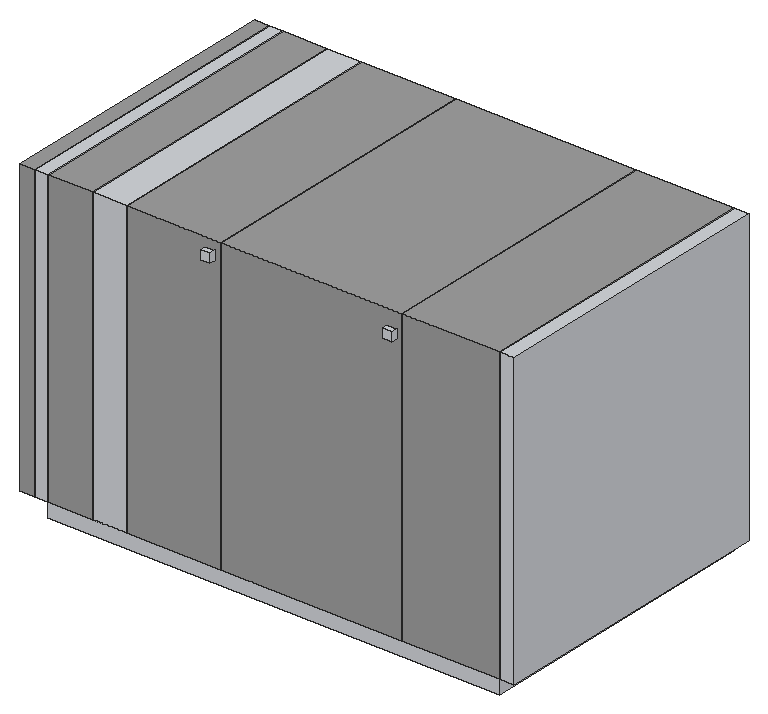
Revit family "Приточная система с электрическом нагревателем", category Оборудование, Revit 2021
Family settings
  Размер круглого соединителя = Использовать диаметр
  Классификация = Нет
  Тип детали = Нормальный
  На основе рабочей плоскости = Нет
  Всегда вертикально = Да
  При загрузке вырезать с полостями = Нет
  Общий = Нет
  Точка принадлежности помещению = Нет
Parameters (values of type "16B")
  Ширина ГВ = ADSK_Размер_Ширина  # 2580 mm
  Сторона обслуживания [instance] = "Справа"
  Слив конденсата = 0 mm
  Подключение нагревателя G [instance] = 0 mm
  Подключение испарителя K [instance] = 0 mm
  Подключение испарителя E = 0 mm
  Отметка по умолчанию = 0 mm
  Кол-во ступеней электр.нагрева [instance] = "28"
  Длина секции электр.нагревателя HE [instance] = 830 mm
  Длина секции испарителя CF = 0 mm
  Длина пустой секции (ES) [instance] = 300 mm
  Длина гибкой встаки = 125 mm
  Длина секции шумоглушения SL [instance] = 862 mm
  Длина секции нагревателя HW [instance] = 0 mm
  Длина клапана FC = 120 mm
  Длина секции вентилятора FA [instance] = 1590 mm
  Длина секции фильтра F [instance] = 390 mm
  Высота рамы = 120 mm
  Высота ГВ = ADSK_Размер_Высота  # 2580 mm
  ADSK_Частота вращения двигателя = 1465
  ADSK_Тип воздушного фильтра [instance] = "G3"
  ADSK_Свободный напор воздуха = 400.0 Pa
  ADSK_Расход теплоносителя = 0.0 m³/h
  ADSK_Расход воздуха приточный [instance] = 35500.0 m³/h
  ADSK_Размер_Ширина = 2580 mm
  ADSK_Размер_Высота = 2580 mm
  ADSK_Полная мощность [instance] = 15.0 kW
  ADSK_Обозначение = "П2.16"
  ADSK_Номинальная мощность = 537 kW
  ADSK_Напряжение = 380 V
  ADSK_Наименование краткое [instance] = "16B"
  ADSK_Масса = 1433
Types (16, lengths in mm): name | Ширина ГВ | Отметка по умолчанию | Кол-во ступеней электр.нагрева | Длина секции электр.нагревателя HE | Длина секции шумоглушения SL | Длина секции вентилятора FA | Высота рамы | Высота ГВ | ADSK_Частота вращения двигателя | ADSK_Расход воздуха приточный | ADSK_Размер_Ширина | ADSK_Размер_Высота | ADSK_Полная мощность | ADSK_Обозначение | ADSK_Номинальная мощность | ADSK_Наименование краткое | ADSK_Масса
  1А | 850 | 0 | "4" | 940 | 825 | 690 | 0 | 440 | 2835 | 1200.0 m³/h | 850 | 440 | 0.55 kW | "П2.1" | 22.54 kW | "1А" | 241
  2А | 980 | 0 | "6" | 940 | 825 | 690 | 0 | 505 | 2805 | 2500.0 m³/h | 980 | 505 | 0.75 kW | "П2.2" | 41 kW | "2A" | 280
  16B | 2580 | 0 | "28" | 830 | 862 | 1590 | 120 | 2580 | 1465 | 35500.0 m³/h | 2580 | 2580 | 15.0 kW | "П2.16" | 537 kW | "16B" | 1433
  3A | 1080 | 6 | "" | 820 | 825 | 740 | 0 | 695 | 2830 | 3500.0 m³/h | 1080 | 695 | 1.1 kW | "П2.3" | 56 kW | "3А" | 325
  4A | 1360 | 6 | "" | 790 | 825 | 820 | 0 | 695 | 2880 | 4500.0 m³/h | 1360 | 695 | 2.2 kW | "П2.4" | 72 kW | "4A" | 380
  5A | 1360 | 0 | "6" | 790 | 825 | 820 | 0 | 803 | 2880 | 5500.0 m³/h | 1360 | 803 | 2.2 kW | "П2.5" | 0.094 kW | "5A" | 406
  6A | 1580 | 0 | "6" | 790 | 825 | 850 | 0 | 803 | 2905 | 6500.0 m³/h | 1580 | 803 | 4.0 kW | "П2.6" | 104 kW | "6A" | 453
  7A | 1580 | 0 | "6" | 790 | 825 | 900 | 0 | 990 | 2945 | 7500.0 m³/h | 1580 | 990 | 4.0 kW | "П2.7" | 128 kW | "7A" | 505
  8A | 1950 | 0 | "8" | 670 | 825 | 1100 | 0 | 990 | 1455 | 9500.0 m³/h | 1950 | 990 | 3.0 kW | "П2.8" | 153 kW | "8A" | 588
  9A | 2160 | 0 | "" | 670 | 825 | 1100 | 0 | 1095 | 1455 | 10500.0 m³/h | 2160 | 1095 | 3.0 kW | "П2.9" | 172 kW | "9A" | 657
  10B | 2040 | 0 | "10" | 710 | 862 | 1180 | 0 | 1360 | 1460 | 12500.0 m³/h | 2040 | 1360 | 4.0 kW | "П2.10" | 200 kW | "10B" | 774
  12B | 2040 | 0 | "16" | 830 | 862 | 1320 | 120 | 1680 | 1465 | 19500.0 m³/h | 2040 | 1680 | 7.5 kW | "П2.12" | 313 kW | "12B" | 934
  11B | 2580 | 0 | "14" | 830 | 862 | 1320 | 0 | 1360 | 1465 | 16500.0 m³/h | 2580 | 1360 | 5.5 kW | "П2.11" | 265 kW | "11B" | 958
  13B | 2040 | 0 | "19" | 710 | 862 | 1590 | 120 | 2040 | 1470 | 23500.0 m³/h | 2040 | 2040 | 11.0 kW | "П2.13" | 377 kW | "13B" | 1095
  14B | 2580 | 0 | "22" | 860 | 862 | 1590 | 120 | 1680 | 1470 | 26500.0 m³/h | 2580 | 1680 | 11.0 kW | "П2.14" | 425 kW | "14B" | 1169
  15B | 2580 | 0 | "23" | 830 | 862 | 1590 | 120 | 2040 | 1470 | 28500.0 m³/h | 2580 | 2040 | 15.0 kW | "П2.15" | 457 kW | "15B" | 1260
Reference planes
  plane 1 "По центру (Вперед/Назад)": y = 0
  plane 2: z = -120
  plane 3 "По центру (Влево/Вправо)": x = 0
  plane 4 "Ширина": y = -2580
  plane 5: x = 510
  plane 6 "Высота": z = 2460
  plane 7: x = 1640
  plane 8: x = 3230
  plane 9: x = 4092
  plane 10: x = 0
  plane 11: x = -125
  plane 12: x = 4092
  plane 13: z = -120
  plane 14: z = -120
  plane 15: x = 4217
  plane 16: x = 0
  plane 17 "клапан": x = 120
  plane 18 "Рама": z = -240
  plane 19: x = 810
Forms (mm)
  Extrusion 1, solid, material "По умолчанию"
    sketch origin (0, 0, 0) x (1, 0, 0) y (0, 0, 1)
      loop
        line (120, -120) -> (510, -120) -> (510, 2460) -> (120, 2460) -> (120, -120)
    from 0 <- "Отметка по умолчанию" to 2580 <- "ADSK_Размер_Ширина"
  Extrusion 2, solid, material "По умолчанию"
    sketch origin (390, 0, 0) x (1, 0, 0) y (0, 0, 1)
      loop
        line (420, -120) -> (1250, -120) -> (1250, 2460) -> (420, 2460) -> (420, -120)
    from 0 to 2580 <- "ADSK_Размер_Ширина"
  Extrusion 3, solid, material "По умолчанию"
    sketch origin (910, 0, 0) x (1, 0, 0) y (0, 0, 1)
      loop
        line (730, -120) -> (2320, -120) -> (2320, 2460) -> (730, 2460) -> (730, -120)
    from 0 to 2580 <- "ADSK_Размер_Ширина"
  Extrusion 4, solid, material "По умолчанию"
    sketch origin (1570, 0, 0) x (1, 0, 0) y (0, 0, 1)
      loop
        line (1660, -120) -> (2522, -120) -> (2522, 2460) -> (1660, 2460) -> (1660, -120)
    from 0 to 2580 <- "ADSK_Размер_Ширина"
  Extrusion 5, solid, material "По умолчанию"
    sketch origin (-570, 0, 0) x (1, 0, 0) y (0, 0, 1)
      loop
        line (570, 2460) -> (445, 2460) -> (445, -120) -> (570, -120) -> (570, 2460)
    from 0 to 2580 <- "Ширина ГВ"
  Extrusion 6, solid
    sketch origin (900, -850, 0) x (1, 0, 0) y (0, 0, 1)
      loop
        line (2208.169, 2325) -> (2208.169, 2245) -> (2288.169, 2245) -> (2288.169, 2325) -> (2208.169, 2325)
    from 1730 to 1780
  Extrusion 7, solid
    sketch origin (0, 0, 0) x (1, 0, 0) y (0, 0, 1)
      loop
        line (4217, -120) -> (4217, 2460) -> (4092, 2460) -> (4092, -120) -> (4217, -120)
    from 0 to 2580 <- "Ширина ГВ"
  Extrusion 8, solid
    sketch origin (0, -2580, 0) x (-1, 0, 0) y (0, 0, 1)
      loop
        line (0, -120) -> (0, 2460) -> (-120, 2460) -> (-120, -120) -> (0, -120)
    from 0 to 2580 <- "ADSK_Размер_Ширина"
  Extrusion 9, solid
    sketch origin (0, 0, 0) x (1, 0, 0) y (0, 0, 1)
      loop
        line (120, -240) -> (4092, -240) -> (4092, -120) -> (120, -120) -> (120, -240)
    from 0 to 2580 <- "ADSK_Размер_Ширина"
  Extrusion 10, solid
    sketch origin (0, 0, 0) x (1, 0, 0) y (0, 0, 1)
      loop
        line (510, 2460) -> (510, -120) -> (810, -120) -> (810, 2460) -> (510, 2460)
    from 0 to 2580 <- "ADSK_Размер_Ширина"
  Extrusion 11, solid
    sketch origin (226.831, -980, 88.459) x (1, 0, 0) y (0, 0, 1)
      loop
        line (1278.169, 2291.541) -> (1278.169, 2211.541) -> (1358.169, 2211.541) -> (1358.169, 2291.541) -> (1278.169, 2291.541)
    from 1600 to 1650
Dimensions and locks
  Extrusion 1 sketch curve to Extrusion 1 sketch curve = 2580 mm
  "ADSK_Размер_Высота": level to plane 6 "Высота"
  "Длина секции электр.нагревателя HE": plane 7 to plane 19
  "Длина секции вентилятора FA": plane 8 to plane 7
  "Длина секции шумоглушения SL": plane 9 to plane 8
  Extrusion 2 sketch curve to Extrusion 2 sketch curve = 2580 mm
  Extrusion 3 sketch curve to Extrusion 3 sketch curve = 2580 mm
  Extrusion 4 sketch curve to Extrusion 4 sketch curve = 2580 mm
  "ADSK_Размер_Ширина": plane 1 "По центру (Вперед/Назад)" to plane 4 "Ширина"
  plane 3 "По центру (Влево/Вправо)" to plane 10 = 0 mm
  "Длина гибкой встаки": plane 10 to plane 11
  locked: Extrusion 6 sketch curve to Extrusion 6 sketch curve at 80  (x2)
  locked: plane 6 "Высота" to Extrusion 6 sketch curve at 135
  plane 8 to Extrusion 6 sketch curve = 41.831 mm
  locked: plane 4 "Ширина" to Extrusion 6 at 50
  level to plane 14 = 0 mm
  "Высота ГВ": Extrusion 5 sketch curve to Extrusion 5 sketch curve
  "Длина гибкой встаки": plane 15 to plane 12
  "Высота ГВ": Extrusion 7 sketch curve to Extrusion 7 sketch curve
  Extrusion 7 sketch curve to level = 0 mm
  "Длина секции испарителя CF": plane 16 to plane 3 "По центру (Влево/Вправо)"
  level to Extrusion 1 = 2580 mm
  "Длина клапана FC": plane 17 "клапан" to plane 16
  "Длина секции фильтра F": plane 5 to plane 17 "клапан"
  Extrusion 5 to Extrusion 8 to Extrusion 8 to Extrusion 10 to Extrusion 2 to Extrusion 3 to Extrusion 4 to Extrusion 7 to Extrusion 7 = 125 mm, 120 mm, 390 mm, 300 mm, 830 mm, 1590 mm, 862 mm, 125 mm
  "Длина пустой секции (ES)": plane 19 to plane 5
  locked: Extrusion 11 sketch curve to Extrusion 11 sketch curve at 80  (x2)
  Extrusion 11 to Extrusion 2 = 80 mm
  plane 7 to Extrusion 11 = 135 mm
  aligned and locked: level to plane 2
  aligned and locked: plane 5 to Extrusion 1
  aligned and locked: plane 6 "Высота" to Extrusion 1
  aligned and locked: Extrusion 1 to level
  aligned and locked: Extrusion 1 to plane 4 "Ширина"
  aligned and locked: plane 7 to Extrusion 2
  aligned and locked: plane 8 to Extrusion 3
  aligned and locked: plane 9 to Extrusion 4
  aligned and locked: Extrusion 3 to plane 7
  aligned and locked: Extrusion 4 to plane 8
  aligned and locked: Extrusion 4 to Extrusion 1
  aligned and locked: Extrusion 3 to Extrusion 1
  aligned and locked: Extrusion 2 to Extrusion 1
  aligned and locked: Extrusion 1 to Extrusion 2
  aligned and locked: Extrusion 1 to Extrusion 3
  aligned and locked: Extrusion 1 to Extrusion 4
  aligned and locked: Extrusion 2 to level
  aligned and locked: Extrusion 3 to level
  aligned and locked: level to Extrusion 4
  aligned and locked: Extrusion 6 to plane 4 "Ширина"
  aligned and locked: plane 10 to Extrusion 5 sketch curve
  aligned and locked: Extrusion 5 sketch curve to plane 11
  aligned and locked: Extrusion 7 sketch curve to plane 15
  aligned and locked: plane 12 to Extrusion 7 sketch curve
  aligned and locked: level to Extrusion 5 sketch curve
  aligned and locked: Extrusion 1 to plane 17 "клапан"
  aligned and locked: plane 9 to plane 12
  aligned and locked: Extrusion 5 to Extrusion 8 sketch curve
  aligned and locked: Extrusion 8 sketch curve to Extrusion 5
  aligned and locked: Extrusion 1 to Extrusion 8 sketch curve
  aligned and locked: Extrusion 8 sketch curve to Extrusion 1
  aligned and locked: Extrusion 9 sketch curve to plane 18 "Рама"
  aligned and locked: Extrusion 9 sketch curve to level
  aligned and locked: Extrusion 9 sketch curve to plane 17 "клапан"
  aligned and locked: plane 9 to Extrusion 9 sketch curve
  aligned and locked: Extrusion 2 to plane 19
  aligned and locked: Extrusion 10 sketch curve to Extrusion 1  (x2)
  aligned and locked: Extrusion 10 sketch curve to Extrusion 2  (x2)
  aligned and locked: Extrusion 11 to Extrusion 2
  aligned and locked: Extrusion 11 to Extrusion 6
  aligned and locked: Extrusion 11 to Extrusion 1
Automatic sketch dimensions
  plane 3 "По центру (Влево/Вправо)" to Extrusion 1 sketch curve = 120 mm
  Extrusion 1 sketch curve to plane 5 = 0 mm
  Extrusion 1 sketch curve to level = 0 mm
  plane 5 to Extrusion 2 sketch curve = 300 mm
  Extrusion 2 sketch curve to plane 6 "Высота" = 0 mm
  Extrusion 2 sketch curve to plane 7 = 0 mm
  Extrusion 3 sketch curve to plane 6 "Высота" = 0 mm
  Extrusion 3 sketch curve to plane 7 = 0 mm
  Extrusion 3 sketch curve to plane 8 = 0 mm
  Extrusion 4 sketch curve to plane 6 "Высота" = 0 mm
  Extrusion 4 sketch curve to plane 8 = 0 mm
  Extrusion 4 sketch curve to plane 9 = 0 mm
  Extrusion 11 sketch curve to plane 7 = 135 mm
  Extrusion 11 sketch curve to plane 6 "Высота" = 160 mm
Connectors
  electrical at (3148.169, -2630, 2285), driven by "ADSK_Полная мощность"
    settings: on Extrusion 6, index 3, voltage 380 V, apparent load 0.0 kW, apparent load phase1 15.0 kW, apparent load phase2 0.0 kW, apparent load phase3 0.0 kW, power factor 1, load classification "Прочее", number of poles 1, system type 31, power factor state 1, is connector primary yes, connector utility no, sub classification motor yes, connector description ""
  hvac at (-125, -1290, 1170), driven by "Высота ГВ", driven by "Ширина ГВ", driven by "ADSK_Расход воздуха приточный"
    settings: on Extrusion 5, index 4, duct flow 35500.0 m³/h, flow factor 0, pres drop 0.0 Pa, loss coef 0, conn angle 0.00°, conn width 2580 mm, conn height 2580 mm, conn diameter 609.6 mm, duct sys type 1, conn prof type 1, flow config 0, flow direction 2, loss method 0, conn ref index -1, conn util yes, is conn primary yes, conn desc ""
  hvac at (4217, -1290, 1170), driven by "Высота ГВ", driven by "Ширина ГВ", driven by "ADSK_Расход воздуха приточный"
    settings: on Extrusion 7, index 5, duct flow 35500.0 m³/h, flow factor 0, pres drop 0.0 Pa, loss coef 0, conn angle 0.00°, conn width 2580 mm, conn height 2580 mm, conn diameter 609.6 mm, duct sys type 1, conn prof type 1, flow config 0, flow direction 1, loss method 0, conn ref index -1, conn util yes, is conn primary no, conn desc ""
  electrical at (1545, -2630, 2340), driven by "ADSK_Напряжение", driven by "ADSK_Номинальная мощность"
    settings: on Extrusion 11, index 7, voltage 380 V, apparent load 537.0 kW, apparent load phase1 0.0 kW, apparent load phase2 0.0 kW, apparent load phase3 0.0 kW, power factor 1, load classification "Мощность", number of poles 1, system type 30, power factor state 0, is connector primary no, connector utility no, sub classification motor no, connector description ""
